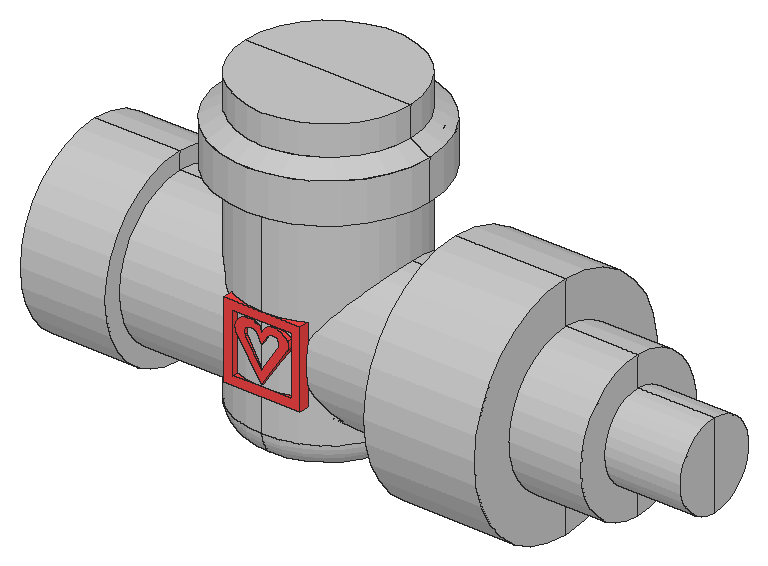
Revit family "RL-5 Return Valve Straight Model 3923", category Rohrzubehör, Revit 2021
Family settings
  Bemaßung runder Anschluss = Durchmesser verwenden
  Teiletyp = Unterbricht
  OmniClass-Nummer = 23.65.55.14
  OmniClass-Titel = Valves for Liquid Services
  Arbeitsebenenbasiert = Nein
  Immer vertikal = Nein
  Beim Laden mit Abzugskörper schneiden = Nein
  Gemeinsam genutzt = Nein
Parameters
  W02 [instance] = 70.00°  # constant formula
  W01 = 120.00°  # constant formula
  Vorgabe-Ansicht = 0.000 mm
  URL = "www.herzvalves.com"
  SCRNSEQ = "ARM;ARM_TYP=\"ALLF\";2"
  SCRNCODE = "05;01;02"  # constant formula
  S04 = 45.000 mm  # constant formula
  S03 = 61.000 mm  # constant formula
  S02 [instance] = L05 + L06 + L07  # 45.500 mm
  S01 = 10.000 mm  # constant formula
  R05 = 9.750 mm  # constant formula
  R04 = 12.000 mm  # constant formula
  R02 = 9.750 mm  # constant formula
  R01 = 11.000 mm  # constant formula
  Part number [instance] = size_lookup("3923_5_", "Artnr", 0, Nennweite)  # 1392300
  Nennweite [instance] = 10.000 mm
  Model = "All models are nickel-plated and are universal models with special socket threaded pipe and compression union."
  Medium = "Hot water quality according to Austrian standard ÖNORM H 5195 and/or VDI guideline 2035."
  Max. operating temperature = 110 °C  # constant formula
  Max. operating pressure = 1000000.0 Pa  # constant formula
  L07 [instance] = size_lookup("3923_5_", "L7", 1.000 mm, Nennweite)  # 17.500 mm
  L06 [instance] = size_lookup("3923_5_", "L6", 1.000 mm, Nennweite)  # 13.000 mm
  L05 [instance] = L02 - L04  # 15.000 mm
  L04 [instance] = size_lookup("3923_5_", "L4", 1.000 mm, Nennweite)  # 7.500 mm
  L03 [instance] = size_lookup("3923_5_", "L3", 1.000 mm, Nennweite)  # 10.000 mm
  L02 [instance] = size_lookup("3923_5_", "L2", 1.000 mm, Nennweite)  # 22.500 mm
  L01 [instance] = size_lookup("3923_5_", "L1", 1.000 mm, Nennweite)  # 27.500 mm
  Hersteller = "HERZ Armaturen Ges.m.b.H"  # constant formula
  H06 = 3.500 mm  # constant formula
  H05 = 9.500 mm  # constant formula
  H04 [instance] = H02 - H03  # 16.000 mm
  H03 = 5.000 mm  # constant formula
  H02 [instance] = 21.000 mm  # constant formula
  H01 [instance] = size_lookup("3923_5_", "H1", 1.000 mm, Nennweite)  # 14.000 mm
  GTI [instance] = size_lookup("3923_5_", "GT1", 1.000 mm, Nennweite)  # 9.000 mm
  GT [instance] = size_lookup("3923_5_", "GT", 1.000 mm, Nennweite)  # 9.500 mm
  G2 [instance] = Nennweite / 2  # 5.000 mm
  G1 [instance] = Nennweite / 2  # 5.000 mm
  D05 [instance] = size_lookup("3923_5_", "D5", 1.000 mm, Nennweite)  # 8.500 mm
  D04 [instance] = size_lookup("3923_5_", "D4", 1.000 mm, Nennweite)  # 13.500 mm
  D03 [instance] = size_lookup("3923_5_", "D3", 1.000 mm, Nennweite)  # 7.940 mm
  D02 [instance] = size_lookup("3923_5_", "D2", 1.000 mm, Nennweite)  # 9.000 mm
  D01 [instance] = size_lookup("3923_5_", "D1", 1.000 mm, Nennweite)  # 11.000 mm
  Body = "nickel-plated"  # constant formula
  Application = "Hot Water Heating Systems\r\nAfter installation of the return valve it is possible to close the radiator return connection.\r\nWhen the intake valve is closed simultaneously (“0“-position for thermostat valves) it is possible to remove the radiator while the heating system remains under pressure.\r\nServicing and working behind the radiator (repapering, laying tiles) is possible without having to switch off the rest of the system.\r\nThe HERZ-RL-5 valve adjusts to allow the exact water quantity to flow through the radiator according to the heat requirements.\r\nThis is recommended particularly in systems equipped with thermostatic valves because lowering the temperature during nighttime becomes fully effective in terms of reducing power input when the water flowquantity is limited and the hydraulic equilibrium of the system is retained.\r\nThe HERZ-RL-5 valve permits filling or draining the radiator or the entire heating system."
Reference planes
  plane 1 "Mitte (Vorne/hinten)": y = 0
  plane 2: z = 0
  plane 3 "Mitte (Links/rechts)": x = 0
Forms (mm)
  Revolve 1, solid, material "Messing, vernickelt", detail levels fine
    sketch origin (0, 0, 0) x (1, 0, 0) y (0, 0, 1)
      loop
        line (-18, 0) -> (22.5, 0) -> (22.5, 7.94) -> (15, 7.94) -> (15, 9) -> (-17.5, 9) -> (-17.5, 11) -> (-27.5, 11) -> (-27.5, 5) -> (-18, 5) -> (-18, 0)
      axis (-27.5, 0) -> (22.5, 0)
    angle from 0 to 360
  Revolve 2, solid, material "Messing, vernickelt", detail levels fine
    sketch origin (0, 0, 0) x (0, 1, 0) y (0, 0, 1)
      loop
        line (0, 21) -> (-11, 21) -> (-11, 16) -> (-9.75, 16) -> (-9.75, -8.456)
        arc (-9.75, -8.456) -> (-9.408, -9.847) -> (-8.46, -10.921) r 3
        line (-8.46, -10.921) -> (0, -14) -> (0, 21)
      axis (0, -14) -> (0, 21)
    angle from 0 to 360
  Revolve 3, solid, material "Messing, vernickelt", detail levels fine
    sketch origin (0, 0, 0) x (1, 0, 0) y (0, 0, 1)
      loop
        line (22.5, 0) -> (45.5, 0) -> (45.5, 5) -> (36.5, 5) -> (36.5, 8.5) -> (28, 8.5) -> (28, 13.5) -> (15, 13.5) -> (15, 7.94) -> (22.5, 7.94) -> (22.5, 0)
      axis (15, 0) -> (45.5, 0)
    angle from 0 to 360
  Revolve 4, solid, material "Messing, vernickelt", detail levels fine
    sketch origin (0, 0, 9) x (1, 0, 0) y (0, 0, 1)
      loop
        line (0, 7) -> (12, 7) -> (12, 11.701) -> (9.75, 13) -> (9.75, 16.5) -> (0, 16.5) -> (0, 7)
      axis (0, 16.5) -> (0, 7)
    angle from 0 to 360
Lines and regions (mm)
  model lines, detail levels coarse+medium
    curve 1: line (-27.5, 0, 11) -> (-27.5, 0, -11)
    curve 2: line (-27.5, 0, -11) -> (27.5, 0, 11)
    curve 3: line (27.5, 0, 11) -> (27.5, 0, -11)
    curve 4: line (27.5, 0, -11) -> (-27.5, 0, 11)
    curve 5: line (27.5, 0, 11) -> (37.5, 0, 11)
    curve 6: line (37.5, 0, 11) -> (27.5, 0, 0)
    curve 7: line (27.5, 0, -11) -> (37.5, 0, -11)
    curve 8: line (37.5, 0, -11) -> (27.5, 0, 0)
    curve 9: line (27.5, 0, 0) -> (45.5, 0, 0)
    curve 10: line (-27.5, 11, 0) -> (-27.5, -11, 0)
    curve 11: line (-27.5, -11, 0) -> (27.5, 11, 0)
    curve 12: line (27.5, 11, 0) -> (27.5, -11, 0)
    curve 13: line (27.5, -11, 0) -> (-27.5, 11, 0)
    curve 14: line (27.5, 11, 0) -> (37.5, 11, 0)
    curve 15: line (37.5, 11, 0) -> (27.5, 0, 0)
    curve 16: line (27.5, -11, 0) -> (37.5, -11, 0)
    curve 17: line (37.5, -11, 0) -> (27.5, 0, 0)
Dimensions and locks
  "L01": Revolve 1 sketch curve to plane 3 "Mitte (Links/rechts)"
  "L02": Revolve 1 sketch curve to plane 3 "Mitte (Links/rechts)"
  "G1": Revolve 1 sketch curve to plane 2
  "GT": Revolve 1 sketch curve to Revolve 1 sketch curve
  "D01": Revolve 1 sketch curve to Revolve 1 sketch curve
  "D02": Revolve 1 sketch curve to Revolve 1 sketch curve
  "D03": Revolve 1 sketch curve to Revolve 1 sketch curve
  "L03": Revolve 1 sketch curve to Revolve 1 sketch curve
  "L04": Revolve 1 sketch curve to Revolve 1 sketch curve
  "H02": Revolve 2 sketch curve to plane 2
  "R01": Revolve 2 sketch curve to plane 1 "Mitte (Vorne/hinten)"
  "D03": Revolve 3 sketch curve to plane 2
  "L04": Revolve 3 sketch curve to Revolve 3 sketch curve
  "L05": Revolve 3 sketch curve to plane 3 "Mitte (Links/rechts)"
  "L06": Revolve 3 sketch curve to Revolve 3 sketch curve
  "L07": Revolve 3 sketch curve to Revolve 3 sketch curve
  "D04": Revolve 3 sketch curve to Revolve 3 sketch curve
  "G2": Revolve 3 sketch curve to Revolve 3 sketch curve
  "D05": Revolve 3 sketch curve to Revolve 3 sketch curve
  "GTI": Revolve 3 sketch curve to Revolve 3 sketch curve
  "D01": curve 4 to plane 2 to curve 2
  "D01": curve 3 to plane 2 to curve 4
  "L01": curve 1 to plane 3 "Mitte (Links/rechts)" to curve 3
  "S01": curve 3 to curve 6
  "S02": curve 9 to plane 3 "Mitte (Links/rechts)"
  "L01": curve 10 to plane 3 "Mitte (Links/rechts)" to curve 12
  "D01": curve 11 to plane 1 "Mitte (Vorne/hinten)" to curve 13
  "D01": curve 13 to plane 1 "Mitte (Vorne/hinten)" to curve 12
  "S01": curve 12 to curve 15
  "S01": curve 12 to curve 17
  "H03": Revolve 2 sketch curve to Revolve 2 sketch curve
  "R02": Revolve 2 sketch curve to Revolve 2 sketch curve
  "H05": Revolve 4 sketch curve to Revolve 4 sketch curve
  "R05": Revolve 4 sketch curve to Revolve 4 sketch curve
  "R04": Revolve 4 sketch curve to Revolve 4 sketch curve
  "H06": Revolve 4 sketch curve to Revolve 4 sketch curve
  "H04": Revolve 4 sketch curve to plane 2
  "D02": nested 1 to plane 1 "Mitte (Vorne/hinten)"
  "H01": plane 2 to Revolve 2 sketch curve
  "W01": angle Revolve 4 sketch curve to Revolve 4 sketch curve
  "W02": angle Revolve 2 sketch curve to Revolve 2 sketch curve
  aligned and locked: level to plane 2
Automatic sketch dimensions
  curve 9 to level = 0.000 mm
  curve 3 to curve 8 = 10.000 mm
  plane 1 "Mitte (Vorne/hinten)" to curve 17 = 0.000 mm
  Revolve 1 sketch curve to level = 0.000 mm  (x2)
  Revolve 1 sketch curve to Revolve 1 sketch curve = 1436.530 mm
  Revolve 1 sketch curve to Revolve 1 sketch curve = 1779.148 mm
  Revolve 2 sketch curve to plane 1 "Mitte (Vorne/hinten)" = 0.000 mm  (x2)
  Revolve 2 sketch curve to Revolve 2 sketch curve = 1.290 mm
  Revolve 2 sketch curve to Revolve 2 sketch curve = 1.710 mm
  Revolve 2 sketch curve to Revolve 2 sketch curve = 98.333 mm
  Revolve 2 sketch curve to Revolve 2 sketch curve = 1236.335 mm
  Revolve 3 sketch curve to level = 0.000 mm  (x2)
  Revolve 3 sketch curve to plane 3 "Mitte (Links/rechts)" = 1506.530 mm
  Revolve 3 sketch curve to Revolve 3 sketch curve = 1789.648 mm
  Revolve 4 sketch curve to plane 3 "Mitte (Links/rechts)" = 0.000 mm  (x2)
  Revolve 4 sketch curve to level = 357.045 mm
  Revolve 4 sketch curve to Revolve 4 sketch curve = 2188.615 mm
Nested families
  nested 1: "Herz-Logo-vorne" at (0, -9, 0) x (0, 1, 0) z (0, 0, 1), type "Herz-Logo-vorne", detail levels fine
Connectors
  piping at (-18, 0, 0), diameter 10, driven by "Nennweite"
    settings: on Revolve 1, index 1, connector inside diameter 609.6 mm, connector length 0.000 mm, flow factor 0, pipe flow 0.0 L/s, pressure drop 0.0 Pa, fitting loss kfactor 0, connector angle 0.00°, fixture units 0, engagement length 0.000 mm, angle of deflection 0.00°, flow configuration 0, flow direction 1, fitting loss method 0, system type 8, joint type 0, gender type 0, connector reference index -1, connector utility 0, adjustable connector no, is connector primary yes, connector description ""
  piping at (45.5, 0, 0), diameter 10, driven by "Nennweite"
    settings: on Revolve 3, index 2, connector inside diameter 609.6 mm, connector length 0.000 mm, flow factor 0, pipe flow 0.0 L/s, pressure drop 0.0 Pa, fitting loss kfactor 0, connector angle 0.00°, fixture units 0, engagement length 0.000 mm, angle of deflection 0.00°, flow configuration 0, flow direction 2, fitting loss method 0, system type 8, joint type 0, gender type 0, connector reference index -1, connector utility 0, adjustable connector no, is connector primary no, connector description ""
Definition of nested family "Herz-Logo-vorne"
  Parameters (values of type "Herz-Logo-vorne")
    Default Elevation = 0.000 mm
  Reference planes
    plane 1 "Mitte (Vorne/hinten)": y = 0
    plane 2: z = 0
    plane 3 "Mitte (Links/rechts)": x = 0
  Forms (mm)
    Extrusion 1, solid
      sketch origin (0.732, -0.018, 0.017) x (0, -1, 0) y (0, 0, 1)
        loop
          line (-0.018, -4.517) -> (4.482, -4.517) -> (4.482, 4.483) -> (-4.518, 4.483) -> (-4.518, -4.517) -> (-0.018, -4.517)
        loop
          line (-0.05, -3.48) -> (3.482, -3.48) -> (3.482, 3.483) -> (-3.518, 3.483) -> (-3.518, -3.48) -> (-0.05, -3.48)
        loop
          arc (-0.018, 2.383) -> (-1.543, 3.287) -> (-3.067, 2.383) r 1.738
          arc (-3.067, 2.383) -> (-3.191, 1.899) -> (-3.067, 1.415) r 1.009
          line (-3.067, 1.415) -> (-0.018, -3.281) -> (3.032, 1.415)
          arc (3.032, 1.415) -> (3.156, 1.899) -> (3.032, 2.383) r 1.009
          arc (3.032, 2.383) -> (1.507, 3.287) -> (-0.018, 2.383) r 1.738
        loop
          arc (1.885, 1.272) -> (2.005, 1.675) -> (1.885, 2.079) r 0.74
          arc (1.885, 2.079) -> (1.265, 2.416) -> (0.644, 2.079) r 0.74
          line (0.644, 2.079) -> (-0.018, 0.97) -> (-0.679, 2.079)
          arc (-0.679, 2.079) -> (-1.3, 2.416) -> (-1.921, 2.079) r 0.74
          arc (-1.921, 2.079) -> (-2.04, 1.675) -> (-1.921, 1.272) r 0.74
          line (-1.921, 1.272) -> (-0.018, -1.658) -> (1.885, 1.272)
      from 0 to 1.5
  Dimensions and locks
    aligned and locked: level to plane 2
